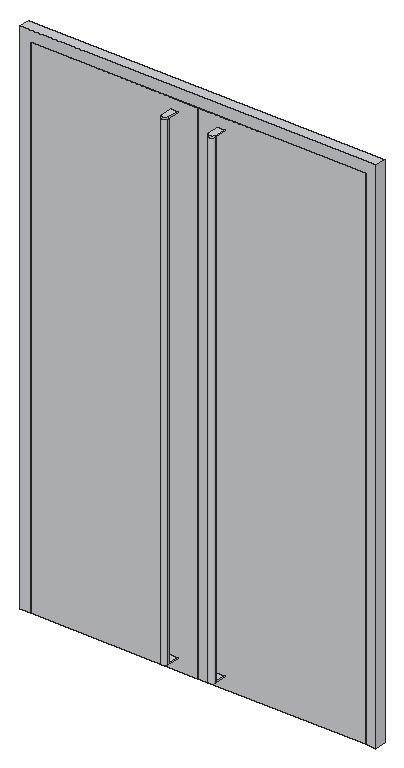
Revit family "CP.DR_2PI_Pivot Door", category Doors, Revit 2021
Family settings
  OmniClass Number = 23.25.20.14.11.11.17
  OmniClass Title = Infill Panels
  Always vertical = Yes
  Cut with Voids When Loaded = No
  Shared = No
  Room Calculation Point = Yes
Parameters (values of type "50_Off0_DS")
  YN_PanicBar = no
  YN_Opening_Symmetrical = yes
  YN_Opening_DoubleSide = yes
  YN_Handle_Internal = yes
  YN_Handle_External = yes
  Thickness = 0 mm  # constant formula
  TX_TypeCode = ""
  TX_Host [instance] = ""
  MA_Panel = none
  MA_Handle = none
  MA_Frame = none
  Function = Interior
  Description = "Porta a due ante simmetriche a bilico va e vieni."
  Define Thermal Properties by = Schematic Type
  DI_Width_Rough [instance] = 1663.8 mm
  DI_Width_Clear [instance] = DI_Width - (DI_Hinge_OffsetX * 2) - DI_Panel_Thickness  # 1233.8 mm
  DI_Width [instance] = DI_Width_Rough - (DI_Frame_Width * 2)  # 1563.8 mm
  DI_Penel_OffsetYC = 300 mm + DI_Panel_OffsetY  # 300 mm
  DI_Panel_Thickness = 50 mm
  DI_Panel_OffsetY = 0 mm
  DI_Panel_Height [instance] = DI_Height  # 2388.4 mm
  DI_Panel2_Width = 1200 mm
  DI_Panel1_Width [instance] = DI_Width - DI_Panel2_WidthC  # 781.9 mm
  DI_Opening_Angle = 90.00°
  DI_Panel2_WidthC [instance] = if(YN_Opening_Symmetrical, DI_Width / 2, DI_Panel2_Width)  # 781.9 mm
  DI_Hinge_OffsetX = 140 mm
  DI_Height_Rough [instance] = 2438.4 mm
  DI_Height_Clear [instance] = DI_Height  # 2388.4 mm
  DI_Height [instance] = DI_Height_Rough - DI_Frame_Width  # 2388.4 mm
  DI_Handle_OffsetZ = 50 mm
  DI_Handle_OffsetX = 250 mm
  DI_Handle2_Width [instance] = DI_Panel2_WidthC - DI_Hinge_OffsetX  # 641.9 mm
  DI_Handle1_Width [instance] = DI_Panel1_Width - DI_Hinge_OffsetX  # 641.9 mm
  DI_Frame_Width = 50 mm
  DI_Frame_Thickness = DI_Panel_Thickness  # 50 mm
  DI_Angle = 0.00°
  Analytic Construction = "<None>"
Types (12, lengths in mm): name | YN_PanicBar | YN_Opening_Symmetrical | YN_Opening_DoubleSide | YN_Handle_Internal | Function | Description | DI_Penel_OffsetYC | DI_Panel_OffsetY | DI_Panel1_Width | DI_Panel2_WidthC | DI_Handle2_Width | DI_Handle1_Width
  50_Off0_DS | no | yes | yes | yes | Interior | "Porta a due ante simmetriche a bilico va e vieni." | 300 | 0 | 781.9 | 781.9 | 641.9 | 641.9
  50_Off150_DS | no | yes | yes | yes | Interior | "Porta a due ante simmetriche a bilico va e vieni." | 450 | 150 | 781.9 | 781.9 | 641.9 | 641.9
  50_Off0_PB | yes | yes | no | no | Interior | "Porta a due ante simmetriche a bilico, con maniglione." | 300 | 0 | 781.9 | 781.9 | 641.9 | 641.9
  50_Off0 | no | yes | no | yes | Interior | "Porta a due ante simmetriche a bilico." | 300 | 0 | 781.9 | 781.9 | 641.9 | 641.9
  50_Off150_PB | yes | yes | no | no | Interior | "Porta a due ante simmetriche a bilico, con maniglione." | 450 | 150 | 781.9 | 781.9 | 641.9 | 641.9
  50_Off150 | no | yes | no | yes | Interior | "Porta a due ante simmetriche a bilico." | 450 | 150 | 781.9 | 781.9 | 641.9 | 641.9
  (1200+x)_50_Off0_DS | no | no | yes | yes | Interior | "Porta a due ante asimmetriche a bilico va e vieni." | 300 | 0 | 363.8 | 1200 | 1060 | 223.8
  (1200+x)_50_Off150_DS | no | no | yes | yes | Interior | "Porta a due ante asimmetriche a bilico va e vieni." | 450 | 150 | 363.8 | 1200 | 1060 | 223.8
  (1200+x)_50_Off0_PB | yes | no | no | no | Interior | "Porta a due ante asimmetriche a bilico, con maniglione." | 300 | 0 | 363.8 | 1200 | 1060 | 223.8
  (1200+x)_50_Off0 | no | no | no | yes | Interior | "Porta a due ante asimmetriche a bilico." | 300 | 0 | 363.8 | 1200 | 1060 | 223.8
  (1200+x)_50_Off150_PB | yes | no | no | no | Exterior | "Porta a due ante asimmetriche a bilico, con maniglione." | 450 | 150 | 363.8 | 1200 | 1060 | 223.8
  (1200+x)_50_Off150 | no | no | no | yes | Interior | "Porta a due ante asimmetriche a bilico." | 450 | 150 | 363.8 | 1200 | 1060 | 223.8
Reference planes
  plane 1 "Front": y = 0
  plane 2: z = 0
  plane 3 "Center (Left/Right)": x = 0
  plane 4 "Left": x = -831.877
  plane 5 "Right": x = 831.923
  plane 6 "Top": z = 2438.4
  plane 7 "Front Panel": y = 0
  plane 8 "Back Panel": y = 50
  plane 9 "Posizione Cerniera Y": x = -641.877
  plane 10 "MidllePanel": y = 25
  plane 11 "Posizione Cerniera Z": x = 641.877
  plane 12 "Origin offset": y = -300
  plane 13 "Panel Right": x = 781.923
  plane 14 "Q": x = -781.877
Lines and regions (mm)
  reference lines
    curve 1: line (-641.877, 25, 0) -> (18.123, 25, 0)
    curve 2: line (-641.877, 25, 0) -> (-641.877, 605, 0)
    curve 3: line (-641.877, 25, 0) -> (-641.877, -575, 0)
    curve 4: line (641.877, 25, 0) -> (21.877, 25, 0)
    curve 5: line (641.877, 25, 0) -> (641.877, 605, 0)
    curve 6: line (641.877, 25, 0) -> (641.877, -575, 0)
Text (mm)
  text "Exterior" at (-1379.057, 797.241, 0), in view "Ref. Level"
  text "Exterior" at (12192, 1055.114, 2275.943), in view "Right"
  text "Exterior" at (-6096, 1468.734, 2687.031), in view "Left"
  text "PAN. 1" at (-370.607, 1010.162, 0), in view "Ref. Level"
  text "PAN. 2" at (318.045, 1010.162, 0), in view "Ref. Level"
Dimensions and locks
  "DI_Panel_Thickness": plane 8 "Back Panel" to plane 7 "Front Panel"
  "DI_Hinge_OffsetX": plane 14 "Q" to plane 9 "Posizione Cerniera Y"
  equal spacing: plane 8 "Back Panel", plane 10 "MidllePanel", plane 7 "Front Panel"
  "DI_Height_Rough": plane 2 to plane 6 "Top"
  equal spacing: plane 9 "Posizione Cerniera Y", plane 3 "Center (Left/Right)", plane 11 "Posizione Cerniera Z"
  "DI_Penel_OffsetYC": plane 7 "Front Panel" to plane 12 "Origin offset"
  locked: plane 1 "Front" to plane 12 "Origin offset" at 300
  "DI_Width_Rough": plane 4 "Left" to plane 5 "Right"
  "DI_Frame_Width": plane 13 "Panel Right" to plane 5 "Right"
  "DI_Frame_Width": plane 4 "Left" to plane 14 "Q"
  "DI_Angle": angle plane 10 "MidllePanel" to curve 1
  "DI_Opening_Angle": angle plane 10 "MidllePanel" to curve 2
  "DI_Opening_Angle": angle curve 3 to plane 10 "MidllePanel"
  "DI_Opening_Angle": angle curve 5 to plane 10 "MidllePanel"
  "DI_Angle": angle curve 4 to plane 10 "MidllePanel"
  "DI_Opening_Angle": angle plane 10 "MidllePanel" to curve 6
  aligned and locked: level to plane 2
  aligned and locked: plane 9 "Posizione Cerniera Y" to curve 2
  aligned and locked: plane 10 "MidllePanel" to curve 3
  aligned and locked: plane 10 "MidllePanel" to curve 6
  aligned and locked: plane 11 "Posizione Cerniera Z" to curve 5
  aligned and locked: plane 3 "Center (Left/Right)" to nested 13
  aligned and locked: nested 13 to plane 10 "MidllePanel"
Nested families
  nested 1: "DR.PN_Panel Pivot" at (-390.927, 25, 0), DI_Panel_Thickness <- "DI_Panel_Thickness", DI_PivotHinge_Offset <- "DI_Hinge_OffsetX", DI_Opening_Projection_Angle <- "DI_Opening_Angle", DI_Panel_Height <- "DI_Panel_Height", YN_DoubleSideOpening <- "YN_Opening_DoubleSide", DI_Panel_Width <- "DI_Panel1_Width", MA_Panel <- "MA_Panel", type "Pivot"
    with YN_DoubleSideOpening yes, Thickness 0 mm, MA_Panel none, DI_PivotHinge_Offset 140 mm, DI_Panel_Width 781.9 mm, DI_Panel_Thickness 50 mm, DI_Panel_Height 2388.4 mm, DI_Opening_Projection_Angle 90.00°
  nested 2: "DR.PN_Panel Pivot" at (-641.877, 275.95, 0) x (0, 1, 0) z (0, 0, 1), DI_Panel_Height <- "DI_Panel_Height", DI_Panel_Thickness <- "DI_Panel_Thickness", DI_PivotHinge_Offset <- "DI_Hinge_OffsetX", DI_Opening_Projection_Angle <- "DI_Opening_Angle", YN_DoubleSideOpening <- "YN_Opening_DoubleSide", DI_Panel_Width <- "DI_Panel1_Width", type "Pivot_Projection"
    with YN_DoubleSideOpening yes, Thickness 0 mm, MA_Panel none, DI_PivotHinge_Offset 140 mm, DI_Panel_Width 781.9 mm, DI_Panel_Thickness 50 mm, DI_Panel_Height 2388.4 mm, DI_Opening_Projection_Angle 90.00°
  nested 3: "DR.PN_Panel Pivot" at (-641.877, -225.95, 0) x (0, -1, 0) z (0, 0, 1), DI_Panel_Height <- "DI_Panel_Height", DI_Panel_Thickness <- "DI_Panel_Thickness", DI_PivotHinge_Offset <- "DI_Hinge_OffsetX", visible <- "YN_Opening_DoubleSide", DI_Panel_Width <- "DI_Panel1_Width", type "Pivot_Projection"
    with YN_DoubleSideOpening no, Thickness 0 mm, MA_Panel none, DI_PivotHinge_Offset 140 mm, DI_Panel_Width 781.9 mm, DI_Panel_Thickness 50 mm, DI_Panel_Height 2388.4 mm, DI_Opening_Projection_Angle 90.00°
  nested 4: "DR.PN_Panel Pivot" at (390.927, 25, 0) x (-1, 0, 0) z (0, 0, 1), DI_Panel_Thickness <- "DI_Panel_Thickness", DI_PivotHinge_Offset <- "DI_Hinge_OffsetX", DI_Opening_Projection_Angle <- "DI_Opening_Angle", DI_Panel_Height <- "DI_Panel_Height", YN_DoubleSideOpening <- "YN_Opening_DoubleSide", DI_Panel_Width <- "DI_Panel2_WidthC", MA_Panel <- "MA_Panel", type "Pivot"
    with YN_DoubleSideOpening yes, Thickness 0 mm, MA_Panel none, DI_PivotHinge_Offset 140 mm, DI_Panel_Width 781.9 mm, DI_Panel_Thickness 50 mm, DI_Panel_Height 2388.4 mm, DI_Opening_Projection_Angle 90.00°
  nested 5: "DR.PN_Panel Pivot" at (641.877, 275.95, 0) x (0, 1, 0) z (0, 0, 1), DI_Panel_Height <- "DI_Panel_Height", DI_Panel_Thickness <- "DI_Panel_Thickness", DI_PivotHinge_Offset <- "DI_Hinge_OffsetX", DI_Opening_Projection_Angle <- "DI_Opening_Angle", YN_DoubleSideOpening <- "YN_Opening_DoubleSide", DI_Panel_Width <- "DI_Panel2_WidthC", type "Pivot_Projection"
    with YN_DoubleSideOpening yes, Thickness 0 mm, MA_Panel none, DI_PivotHinge_Offset 140 mm, DI_Panel_Width 781.9 mm, DI_Panel_Thickness 50 mm, DI_Panel_Height 2388.4 mm, DI_Opening_Projection_Angle 90.00°
  nested 6: "DR.PN_Panel Pivot" at (641.877, -225.95, 0) x (0, -1, 0) z (0, 0, 1), DI_Panel_Height <- "DI_Panel_Height", DI_Panel_Thickness <- "DI_Panel_Thickness", DI_PivotHinge_Offset <- "DI_Hinge_OffsetX", visible <- "YN_Opening_DoubleSide", DI_Panel_Width <- "DI_Panel2_WidthC", type "Pivot_Projection"
    with YN_DoubleSideOpening no, Thickness 0 mm, MA_Panel none, DI_PivotHinge_Offset 140 mm, DI_Panel_Width 781.9 mm, DI_Panel_Thickness 50 mm, DI_Panel_Height 2388.4 mm, DI_Opening_Projection_Angle 90.00°
  nested 7: "DR.HA_Handle_Pole_HW" at (616.877, 25, 0) x (0, -1, 0) z (0, 0, 1), DI_Panel_Height <- "DI_Panel_Height", DI_Panel_Thickness <- "DI_Panel_Thickness", visible <- "YN_Opening_DoubleSide", DI_Panel_Width <- "DI_Panel2_WidthC", DI_Handle_OffsetX <- "DI_Handle_OffsetX", YN_Handle_External <- "YN_Handle_External", YN_Handle_Internal <- "YN_Handle_Internal", type "Projection"
    with YN_Handle_Internal yes, YN_Handle_External yes, MA_Handle none, DI_Panel_Width 781.9 mm, DI_Panel_Thickness 50 mm, DI_Panel_OffsetYC 25 mm, DI_Panel_OffsetY 0 mm, DI_Panel_Height 2388.4 mm, DI_Handle_OffsetX 250 mm, DI_Handle_HeightC 388.4 mm, DI_Handle_Height 148.093 mm, YN_Opening_Pivot yes
  nested 8: "DR.HA_Handle_Pole_HW" at (666.877, 25, 0) x (0, 1, 0) z (0, 0, 1), DI_Panel_Height <- "DI_Panel_Height", DI_Panel_Thickness <- "DI_Panel_Thickness", DI_Panel_Width <- "DI_Panel2_WidthC", DI_Handle_OffsetX <- "DI_Handle_OffsetX", YN_Handle_External <- "YN_Handle_External", YN_Handle_Internal <- "YN_Handle_Internal", type "Projection"
    with YN_Handle_Internal yes, YN_Handle_External yes, MA_Handle none, DI_Panel_Width 781.9 mm, DI_Panel_Thickness 50 mm, DI_Panel_OffsetYC 25 mm, DI_Panel_OffsetY 0 mm, DI_Panel_Height 2388.4 mm, DI_Handle_OffsetX 250 mm, DI_Handle_HeightC 388.4 mm, DI_Handle_Height 148.093 mm, YN_Opening_Pivot yes
  nested 9: "DR.HA_Handle_Pole_HW" at (-616.877, 25, 0) x (0, -1, 0) z (0, 0, 1), DI_Panel_Height <- "DI_Panel_Height", DI_Panel_Thickness <- "DI_Panel_Thickness", visible <- "YN_Opening_DoubleSide", DI_Panel_Width <- "DI_Panel1_Width", DI_Handle_OffsetX <- "DI_Handle_OffsetX", YN_Handle_External <- "YN_Handle_External", YN_Handle_Internal <- "YN_Handle_Internal", type "Projection"
    with YN_Handle_Internal yes, YN_Handle_External yes, MA_Handle none, DI_Panel_Width 781.9 mm, DI_Panel_Thickness 50 mm, DI_Panel_OffsetYC 25 mm, DI_Panel_OffsetY 0 mm, DI_Panel_Height 2388.4 mm, DI_Handle_OffsetX 250 mm, DI_Handle_HeightC 388.4 mm, DI_Handle_Height 148.093 mm, YN_Opening_Pivot yes
  nested 10: "DR.HA_Handle_Pole_HW" at (-666.877, 25, 0) x (0, 1, 0) z (0, 0, 1), DI_Panel_Height <- "DI_Panel_Height", DI_Panel_Thickness <- "DI_Panel_Thickness", DI_Panel_Width <- "DI_Panel1_Width", DI_Handle_OffsetX <- "DI_Handle_OffsetX", YN_Handle_External <- "YN_Handle_External", YN_Handle_Internal <- "YN_Handle_Internal", type "Projection"
    with YN_Handle_Internal yes, YN_Handle_External yes, MA_Handle none, DI_Panel_Width 781.9 mm, DI_Panel_Thickness 50 mm, DI_Panel_OffsetYC 25 mm, DI_Panel_OffsetY 0 mm, DI_Panel_Height 2388.4 mm, DI_Handle_OffsetX 250 mm, DI_Handle_HeightC 388.4 mm, DI_Handle_Height 148.093 mm, YN_Opening_Pivot yes
  nested 11: "DR.HA_Handle_Pole_HW" at (641.877, 50, 0) x (-1, 0, 0) z (0, 0, 1), DI_Panel_Thickness <- "DI_Panel_Thickness", DI_Panel_Height <- "DI_Panel_Height", DI_Panel_Width <- "DI_Panel2_WidthC", DI_Handle_OffsetX <- "DI_Handle_OffsetX", MA_Handle <- "MA_Handle", YN_Handle_External <- "YN_Handle_External", YN_Handle_Internal <- "YN_Handle_Internal", type "Cut"
    with YN_Handle_Internal yes, YN_Handle_External yes, MA_Handle none, DI_Panel_Width 781.9 mm, DI_Panel_Thickness 50 mm, DI_Panel_OffsetYC 25 mm, DI_Panel_OffsetY 0 mm, DI_Panel_Height 2388.4 mm, DI_Handle_OffsetX 250 mm, DI_Handle_HeightC 2288.4 mm, DI_Handle_Height 500 mm, YN_Opening_Pivot yes
  nested 12: "DR.HA_Handle_Pole_HW" at (-641.877, 50, 0), DI_Panel_Thickness <- "DI_Panel_Thickness", DI_Panel_Height <- "DI_Panel_Height", DI_Panel_Width <- "DI_Panel1_Width", DI_Handle_OffsetX <- "DI_Handle_OffsetX", MA_Handle <- "MA_Handle", YN_Handle_External <- "YN_Handle_External", YN_Handle_Internal <- "YN_Handle_Internal", type "Cut"
    with YN_Handle_Internal yes, YN_Handle_External yes, MA_Handle none, DI_Panel_Width 781.9 mm, DI_Panel_Thickness 50 mm, DI_Panel_OffsetYC 25 mm, DI_Panel_OffsetY 0 mm, DI_Panel_Height 2388.4 mm, DI_Handle_OffsetX 250 mm, DI_Handle_HeightC 2288.4 mm, DI_Handle_Height 500 mm, YN_Opening_Pivot yes
  nested 13: "DR.FR_Generic Frame" at (0, 25, 0), DI_Width <- "DI_Width_Rough", DI_Height <- "DI_Height_Rough", DI_Frame_Thickness <- "DI_Frame_Thickness", DI_Frame_Width <- "DI_Frame_Width", type "0"
    with built-in parameter 1001301 0 mm, Thickness 0 mm, MA_Frame none, built-in parameter 1001300 0 mm, DI_Width 1663.8 mm, DI_Height 2438.4 mm, DI_Frame_Width 50 mm, DI_Frame_Thickness 50 mm
  nested 14: "DR.HA_Handle_Panicbar_HW" at (713.374, 25, 0) x (0, 1, 0) z (0, 0, 1), DI_Panel_Thickness <- "DI_Panel_Thickness", DI_Panel_Width <- "DI_Handle2_Width", YN_Handle_Internal <- "YN_PanicBar", type "Projection"
    with YN_Handle_Internal no, YN_Handle_External no, MA_Handle none, DI_Panel_Width 641.9 mm, DI_Panel_Thickness 50 mm, DI_Panel_OffsetYC 25 mm, DI_Panel_OffsetY 0 mm, DI_Handle_OffsetZ 1000 mm, DI_Handle_OffsetX 320.95 mm, YN_Opening_Pivot yes
  nested 15: "DR.HA_Handle_Panicbar_HW" at (-713.374, 25, 0) x (0, 1, 0) z (0, 0, 1), DI_Panel_Thickness <- "DI_Panel_Thickness", DI_Panel_Width <- "DI_Handle1_Width", YN_Handle_Internal <- "YN_PanicBar", type "Projection"
    with YN_Handle_Internal no, YN_Handle_External no, MA_Handle none, DI_Panel_Width 641.9 mm, DI_Panel_Thickness 50 mm, DI_Panel_OffsetYC 25 mm, DI_Panel_OffsetY 0 mm, DI_Handle_OffsetZ 1000 mm, DI_Handle_OffsetX 320.95 mm, YN_Opening_Pivot yes
  nested 16: "DR.HA_Handle_Panicbar_HW" at (641.877, 96.497, 0) x (-1, 0, 0) z (0, 0, 1), DI_Panel_Thickness <- "DI_Panel_Thickness", DI_Panel_Width <- "DI_Handle2_Width", YN_Handle_Internal <- "YN_PanicBar", type "Cut"
    with YN_Handle_Internal no, YN_Handle_External no, MA_Handle none, DI_Panel_Width 641.9 mm, DI_Panel_Thickness 50 mm, DI_Panel_OffsetYC 25 mm, DI_Panel_OffsetY 0 mm, DI_Handle_OffsetZ 900 mm, DI_Handle_OffsetX 320.95 mm, YN_Opening_Pivot yes
  nested 17: "DR.HA_Handle_Panicbar_HW" at (-641.877, 96.497, 0), DI_Panel_Thickness <- "DI_Panel_Thickness", DI_Panel_Width <- "DI_Handle1_Width", YN_Handle_Internal <- "YN_PanicBar", type "Cut"
    with YN_Handle_Internal no, YN_Handle_External no, MA_Handle none, DI_Panel_Width 641.9 mm, DI_Panel_Thickness 50 mm, DI_Panel_OffsetYC 25 mm, DI_Panel_OffsetY 0 mm, DI_Handle_OffsetZ 900 mm, DI_Handle_OffsetX 320.95 mm, YN_Opening_Pivot yes
Definition of nested family "DR.PN_Panel Pivot"
  Parameters (values of type "Pivot_Projection")
    YN_Swing = not(YN_Panel_Projection)  # no
    YN_Panel_Projection = yes
    YN_Panel = not(YN_Panel_Projection)  # no
    YN_DoubleSideOpening [instance] = no
    YN_3D = not(YN_Panel_Projection)  # no
    Width = 0 mm  # constant formula
    Thickness [instance] = 0 mm  # constant formula
    Rough Width = 0 mm  # constant formula
    Rough Height = 0 mm  # constant formula
    MA_Panel [instance] = none
    Height = 0 mm  # constant formula
    Define Thermal Properties by = 1
    Default Elevation = 0 mm  # constant formula
    DI_PivotHinge_Offset [instance] = 100 mm
    DI_Panel_Width [instance] = 1000 mm
    DI_Panel_Thickness [instance] = 100 mm
    DI_Panel_Height [instance] = 2100 mm
    DI_Opening_Projection_Angle [instance] = 60.00°
    Analytic Construction = "<None>"
  Types (2, lengths in mm): name | YN_Swing | YN_Panel_Projection | YN_Panel | YN_3D | DI_Panel_Width | DI_Opening_Projection_Angle
    Pivot | yes | no | yes | yes | 1200 | 90.00°
    Pivot_Projection | no | yes | no | no | 1000 | 60.00°
  Reference planes
    plane 1 "Center (Front/Back)": y = 0
    plane 2: z = 0
    plane 3 "Center (Left/Right)": x = 0
    plane 4 "Left": x = -500
    plane 5 "Right": x = 500
    plane 6 "FrontPanel": y = -50
    plane 7 "Top": z = 2100
    plane 8: z = 1050
    plane 9 "BackPanel": y = 50
    plane 10 "Y_Bilico": x = -400
  Forms (mm)
    Extrusion 1, solid, material <- "MA_Panel", visible <- "YN_3D"
      sketch origin (1340, 700, 0) x (1, 0, 0) y (0, 1, 0)
        loop
          line (-1840, -750) -> (-840, -750) -> (-840, -650) -> (-1840, -650) -> (-1840, -750)
      from 0 to 2100
  Lines and regions (mm)
    Masking region 1, visible <- "YN_Panel"
      outline origin (40, 290, 0) x (1, 0, 0) y (0, 1, 0)
        loop
          line (-540, -240) -> (-540, -340) -> (460, -340) -> (460, -240) -> (-540, -240)
    model lines, not visible
      curve 1: line (-400, -50, 2100) -> (500, -50, 1050)
      curve 2: line (-400, -50, 0) -> (500, -50, 1050)
      curve 7: line (-242.5, -50, 1050) -> (367.5, -50, 1050)
      curve 8: line (-242.5, 50, 1050) -> (367.5, 50, 1050)
    model lines, visible <- "YN_Swing"
      curve 3: line (-400, -50, 2100) -> (500, -50, 1050)
      curve 4: line (-400, -50, 0) -> (500, -50, 1050)
      curve 5: line (-400, 50, 2100) -> (500, 50, 1050)
      curve 6: line (500, 50, 1050) -> (-400, 50, 0)
      curve 15: line (-400, 50, 0) -> (-500, 50, 1050)
      curve 16: line (-500, 50, 1050) -> (-400, 50, 2100)
      curve 17: line (-400, -50, 0) -> (-500, -50, 1050)
      curve 18: line (-500, -50, 1050) -> (-400, -50, 2100)
      curve 19: line (-400, 50, 0) -> (-400, 50, 2100)
      curve 20: line (-400, -50, 0) -> (-400, -50, 2100)
    reference lines
      curve 9: line (-400, 0, 0) -> (-242.5, 272.798, 0)
      curve 12: line (-400, 0, 0) -> (-242.5, -272.798, 0)
    symbolic lines, visible <- "YN_Swing"
      curve 10: arc (500, 0, 0) -> (379.423, 450, 0) -> (50, 779.423, 0) r 900
      curve 11: arc (-500, 0, 0) -> (-486.603, -50, 0) -> (-450, -86.603, 0) r 100
    symbolic lines, visible <- "YN_DoubleSideOpening"
      curve 13: arc (500, 0, 0) -> (379.423, -450, 0) -> (50, -779.423, 0) r 900
      curve 14: arc (-500, 0, 0) -> (-486.603, 50, 0) -> (-450, 86.603, 0) r 100
    symbolic lines, visible <- "YN_Panel_Projection"
      curve 21: line (-500, 50, 0) -> (500, 50, 0)
    symbolic lines, visible <- "YN_Panel_Projection", detail levels medium+fine
      curve 22: line (-500, -50, 0) -> (-500, 50, 0)
      curve 23: line (500, -50, 0) -> (-500, -50, 0)
      curve 24: line (500, 50, 0) -> (500, -50, 0)
  Dimensions and locks
    "DI_Panel_Width": plane 4 "Left" to plane 5 "Right"
    equal spacing: plane 4 "Left", plane 3 "Center (Left/Right)", plane 5 "Right"
    "DI_Panel_Thickness": plane 6 "FrontPanel" to plane 9 "BackPanel"
    "DI_Panel_Height": plane 7 "Top" to plane 2
    equal spacing: plane 7 "Top", plane 8, plane 2
    plane 4 "Left" to plane 3 "Center (Left/Right)" = 500 mm
    equal spacing: plane 6 "FrontPanel", plane 1 "Center (Front/Back)", plane 9 "BackPanel"
    "DI_PivotHinge_Offset": plane 4 "Left" to plane 10 "Y_Bilico"
    plane 7 "Top" to curve 1 = 0 mm
    "DI_Opening_Projection_Angle": angle plane 1 "Center (Front/Back)" to curve 9
    "DI_Opening_Projection_Angle": angle curve 12 to plane 1 "Center (Front/Back)"
    aligned and locked: level to plane 2
    aligned and locked: plane 4 "Left" to Extrusion 1
    aligned and locked: plane 9 "BackPanel" to Extrusion 1
    aligned and locked: plane 5 "Right" to Extrusion 1
    aligned and locked: Extrusion 1 to plane 6 "FrontPanel"
    aligned and locked: plane 7 "Top" to Extrusion 1
    aligned and locked: curve 9 to curve 10
    aligned and locked: curve 11 to curve 9
    aligned and locked: plane 1 "Center (Front/Back)" to curve 11
    aligned and locked: plane 4 "Left" to curve 11
    aligned and locked: curve 12 to curve 13
    aligned and locked: curve 14 to curve 12
    aligned and locked: plane 1 "Center (Front/Back)" to curve 12
    aligned and locked: plane 10 "Y_Bilico" to curve 12
    aligned and locked: curve 19 to plane 10 "Y_Bilico"
    aligned and locked: plane 2 to curve 19
    aligned and locked: plane 7 "Top" to curve 19
    aligned and locked: plane 10 "Y_Bilico" to curve 20
    aligned and locked: plane 2 to curve 20
    aligned and locked: Masking region 1 sketch curve to plane 4 "Left"
    aligned and locked: Masking region 1 sketch curve to plane 5 "Right"
    aligned and locked: plane 6 "FrontPanel" to Masking region 1 sketch curve
    aligned and locked: Masking region 1 sketch curve to plane 9 "BackPanel"
    aligned and locked: curve 21 to plane 9 "BackPanel"
    aligned and locked: curve 22 to plane 4 "Left"
    aligned and locked: plane 6 "FrontPanel" to curve 23
    aligned and locked: curve 24 to plane 5 "Right"
  Automatic sketch dimensions
    curve 8 to curve 8 = 610 mm
    Extrusion 1 sketch curve to plane 4 "Left" = 0 mm
    Extrusion 1 sketch curve to plane 5 "Right" = 0 mm
    Extrusion 1 sketch curve to plane 6 "FrontPanel" = 0 mm
    Extrusion 1 sketch curve to plane 9 "BackPanel" = 0 mm
    curve 7 to plane 8 = 0 mm
    plane 10 "Y_Bilico" to curve 7 = 157.5 mm
    curve 7 to plane 5 "Right" = 132.5 mm
    curve 5 to plane 5 "Right" = 0 mm
    curve 8 to plane 8 = 0 mm
    plane 4 "Left" to curve 15 = 0 mm
    curve 5 to plane 8 = 0 mm
    curve 15 to plane 8 = 0 mm
    curve 8 to plane 5 "Right" = 132.5 mm
    plane 10 "Y_Bilico" to curve 8 = 157.5 mm
    curve 1 to plane 5 "Right" = 0 mm
    plane 4 "Left" to curve 17 = 0 mm
    curve 1 to plane 8 = 0 mm
    curve 18 to plane 8 = 0 mm
    curve 10 to curve 11 = 0 mm  (x2)
    curve 11 to curve 14 = 0 mm
    curve 13 to curve 14 = 0 mm
    curve 14 to plane 10 "Y_Bilico" = 0 mm
    curve 13 to plane 5 "Right" = 0 mm
Definition of nested family "DR.HA_Handle_Pole_HW"
  Parameters (values of type "Cut")
    YN_Opening_Pivot = no
    YN_Handle_Internal [instance] = yes
    YN_Handle_External [instance] = yes
    MA_Handle [instance] = none
    Handle = DR.HA_Handle_Pole : Cut
    FullHeight = yes
    Define Thermal Properties by = 1
    Default Elevation = 0 mm  # constant formula
    DI_Panel_Width [instance] = 900 mm
    DI_Panel_Thickness [instance] = 60 mm
    DI_Panel_OffsetYC [instance] = if(YN_Opening_Pivot, (DI_Panel_Thickness / 2), DI_Panel_OffsetY)  # 0 mm
    DI_Panel_OffsetY [instance] = 0 mm
    DI_Panel_Height [instance] = 2148.093 mm
    DI_Handle_OffsetZ = 50 mm
    DI_Handle_OffsetX [instance] = 50 mm
    DI_Handle_HeightC [instance] = if(FullHeight, DI_Panel_Height - (DI_Handle_OffsetZ * 2), DI_Handle_Height)  # 2048.093 mm
    DI_Handle_Height [instance] = 500 mm
    Analytic Construction = "<None>"
  Types (2, lengths in mm): name | Handle | DI_Panel_Thickness | DI_Handle_OffsetZ | DI_Handle_HeightC | DI_Handle_Height
    Projection | DR.HA_Handle_Pole : Projection | 40 | 1000 | 148.093 | 148.093
    Cut | DR.HA_Handle_Pole : Cut | 60 | 50 | 2048.093 | 500
  Reference planes
    plane 1 "Panel_Ext": y = -25
    plane 2: z = 0
    plane 3 "Center (Left/Right)": x = 0
    plane 4 "Panel_Int": y = -85
    plane 5: z = 50
    plane 6: x = 900
    plane 7: x = 850
    plane 8: z = 2148.093
    plane 9 "Origin": y = -25
  Lines and regions (mm)
    symbolic lines, detail levels coarse
      curve 1: line (0, -85, 0) -> (0, -25, 0)
  Dimensions and locks
    "DI_Panel_Thickness": plane 4 "Panel_Int" to plane 1 "Panel_Ext"
    "DI_Handle_OffsetZ": plane 2 to plane 5
    "DI_Panel_Width": plane 6 to plane 3 "Center (Left/Right)"
    "DI_Handle_OffsetX": plane 6 to plane 7
    "DI_Panel_Height": plane 8 to level
    "DI_Panel_OffsetYC": plane 1 "Panel_Ext" to plane 9 "Origin"
    aligned and locked: plane 2 to level
    aligned and locked: plane 4 "Panel_Int" to nested 2
    aligned and locked: plane 7 to nested 1
    aligned and locked: nested 2 to plane 7
    aligned and locked: plane 1 "Panel_Ext" to nested 1
  Automatic sketch dimensions
    plane 1 "Panel_Ext" to curve 1 = 0 mm
    curve 1 to plane 3 "Center (Left/Right)" = 0 mm
    plane 4 "Panel_Int" to curve 1 = 0 mm
  Nested families
    nested 1: "DR.HA_Handle_Pole" at (850, -25, 50), visible <- "YN_Handle_External", built-in parameter 1001364 <- "DI_Handle_OffsetZ", MA_Handle <- "MA_Handle", type <- "Handle", DI_Height <- "DI_Handle_HeightC", type "Cut"
      with MA_Handle none, DI_Height 2048.093 mm
    nested 2: "DR.HA_Handle_Pole" at (850, -85, 50), visible <- "YN_Handle_Internal", built-in parameter 1001364 <- "DI_Handle_OffsetZ", MA_Handle <- "MA_Handle", type <- "Handle", DI_Height <- "DI_Handle_HeightC", type "Cut"
      with MA_Handle none, DI_Height 2048.093 mm
  Definition of nested family "DR.HA_Handle_Pole"
    Parameters (values of type "Cut")
      YN_Graphics_Projection = yes
      YN_Graphics_Cut = no
      YN_3D = yes
      MA_Handle [instance] = none
      Define Thermal Properties by = 1
      Default Elevation = 0 mm  # constant formula
      DI_Height [instance] = 1737.643 mm
      Analytic Construction = "<None>"
    Types (2, lengths in mm): name | YN_3D
      Cut | yes
      Projection | no
    Reference planes
      plane 1 "Center (Front/Back)": y = 0
      plane 2: z = 0
      plane 3 "Center (Left/Right)": x = 0
      plane 4: z = 1737.643
    Forms (mm)
      Extrusion 1, solid, material <- "MA_Handle", visible <- "YN_3D"
        sketch origin (0, 0, 0) x (1, 0, 0) y (0, 1, 0)
          loop
            line (-15, 0) -> (-15, -51)
            arc (-15, -51) -> (0, -66) -> (15, -51) r 15
            line (15, -51) -> (15, 0) -> (-15, 0)
        from 0 to 5
      Extrusion 2, solid, material <- "MA_Handle", visible <- "YN_3D"
        sketch origin (0, -4, 0) x (1, 0, 0) y (0, 1, 0)
          loop
            circle (0, -51) r 15
        from 0 to 1737.643 <- "DI_Height"
      Extrusion 3, solid, material <- "MA_Handle", visible <- "YN_3D"
        sketch origin (0, 0, 0) x (1, 0, 0) y (0, 1, 0)
          loop
            line (-15, 0) -> (-15, -55)
            arc (-15, -55) -> (0, -70) -> (15, -55) r 15
            line (15, -55) -> (15, 0) -> (-15, 0)
        from 1732.643 to 1737.643 <- "DI_Height"
    Cuts and joins
      joined: Extrusion 1, Extrusion 2, Extrusion 3
    Lines and regions (mm)
      Masking region 1, visible <- "YN_Graphics_Cut"
        outline origin (0, 0, 0) x (1, 0, 0) y (0, 1, 0)
          loop
            line (-15, 0) -> (-15, -55)
            arc (-15, -55) -> (0, -70) -> (15, -55) r 15
            line (15, -55) -> (15, 0) -> (-15, 0)
      symbolic lines, visible <- "YN_Graphics_Cut", detail levels medium+fine
        curve 1: arc (15, -55, 0) -> (0, -40, 0) -> (-15, -55, 0) r 15
      symbolic lines, visible <- "YN_Graphics_Projection"
        curve 2: line (-15, 0, 0) -> (-15, -55, 0)
        curve 3: arc (-15, -55, 0) -> (0, -70, 0) -> (15, -55, 0) r 15
        curve 4: line (15, -55, 0) -> (15, 0, 0)
        curve 5: line (15, 0, 0) -> (-15, 0, 0)
      symbolic lines, visible <- "YN_Graphics_Projection", detail levels medium+fine
        curve 6: arc (15, -55, 0) -> (0, -40, 0) -> (-15, -55, 0) r 15
    Dimensions and locks
      "DI_Height": plane 4 to level
      locked: plane 4 to Extrusion 3 at 5
      aligned and locked: plane 2 to level
    Automatic sketch dimensions
      plane 1 "Center (Front/Back)" to Extrusion 1 sketch curve = 0 mm
      Extrusion 1 sketch curve to plane 3 "Center (Left/Right)" = 0 mm
      Extrusion 1 sketch curve to plane 3 "Center (Left/Right)" = 15 mm
      plane 1 "Center (Front/Back)" to Extrusion 1 sketch curve = 51 mm
      Extrusion 2 sketch curve to Extrusion 2 sketch curve = 0 mm  (x2)
      Extrusion 2 sketch curve to plane 3 "Center (Left/Right)" = 0 mm
      plane 1 "Center (Front/Back)" to Extrusion 2 sketch curve = 55 mm
      Extrusion 2 sketch curve to Extrusion 2 sketch curve = 15 mm
      plane 1 "Center (Front/Back)" to Extrusion 3 sketch curve = 0 mm
      Extrusion 3 sketch curve to plane 3 "Center (Left/Right)" = 0 mm
      Extrusion 3 sketch curve to plane 3 "Center (Left/Right)" = 15 mm
      plane 1 "Center (Front/Back)" to Extrusion 3 sketch curve = 55 mm
      plane 1 "Center (Front/Back)" to Masking region 1 sketch curve = 0 mm
      Masking region 1 sketch curve to plane 3 "Center (Left/Right)" = 15 mm
      plane 3 "Center (Left/Right)" to Masking region 1 sketch curve = 15 mm
      plane 1 "Center (Front/Back)" to Masking region 1 sketch curve = 55 mm
      curve 1 to plane 3 "Center (Left/Right)" = 0 mm
      plane 1 "Center (Front/Back)" to curve 1 = 55 mm
      curve 1 to plane 3 "Center (Left/Right)" = 15 mm
      curve 1 to curve 3 = 0 mm  (x2)
      plane 1 "Center (Front/Back)" to curve 5 = 0 mm
      curve 5 to plane 3 "Center (Left/Right)" = 15 mm
Definition of nested family "DR.FR_Generic Frame"
  Parameters (values of type "0")
    Width [instance] = 0 mm  # constant formula
    Thickness [instance] = 0 mm  # constant formula
    MA_Frame [instance] = none
    Height [instance] = 0 mm  # constant formula
    Define Thermal Properties by = 1
    Default Elevation = 0 mm
    DI_Width [instance] = 1200 mm
    DI_Height [instance] = 2100 mm
    DI_Frame_Width [instance] = 80 mm
    DI_Frame_Thickness [instance] = 150 mm
    Analytic Construction = "<None>"
  Reference planes
    plane 1 "Center (Front/Back)": y = 0
    plane 2: z = 0
    plane 3 "Center (Left/Right)": x = 0
    plane 4 "Left": x = -600
    plane 5 "Right": x = 600
    plane 6 "FrontFrame": y = -75
    plane 7 "Top": z = 2100
    plane 8: z = 1050
    plane 9: x = -520
    plane 10: x = 520
    plane 11 "BackFrame": y = 75
  Forms (mm)
    Sweep 1, solid, material <- "MA_Frame"
      path origin (0, -75, 0) x (-1, 0, 0) y (0, 0, 1)
        loop
          line (600, 0) -> (600, 2100) -> (-600, 2100) -> (-600, 0)
      profile origin (-600, -75, 1050) x (1, 0, 0) y (0, 1, 0)
        loop
          line (80, 150) -> (0, 150) -> (0, 0) -> (80, 0) -> (80, 150)
  Lines and regions (mm)
    Masking region 1
      outline origin (0, 0, 0) x (1, 0, 0) y (0, 1, 0)
        loop
          line (-600, -75) -> (-520, -75) -> (-520, 75) -> (-600, 75) -> (-600, -75)
    Masking region 2
      outline origin (0, 0, 0) x (1, 0, 0) y (0, 1, 0)
        loop
          line (600, -75) -> (600, 75) -> (520, 75) -> (520, -75) -> (600, -75)
  Dimensions and locks
    "DI_Width": plane 4 "Left" to plane 5 "Right"
    equal spacing: plane 4 "Left", plane 3 "Center (Left/Right)", plane 5 "Right"
    "DI_Frame_Thickness": plane 6 "FrontFrame" to plane 11 "BackFrame"
    "DI_Height": plane 7 "Top" to plane 2
    equal spacing: plane 7 "Top", plane 8, plane 2
    "DI_Frame_Width": plane 4 "Left" to plane 9
    "DI_Frame_Width": plane 10 to plane 5 "Right"
    equal spacing: plane 6 "FrontFrame", plane 1 "Center (Front/Back)", plane 11 "BackFrame"
    aligned and locked: level to plane 2
    aligned and locked: plane 4 "Left" to Sweep 1 sketch curve
    aligned and locked: plane 7 "Top" to Sweep 1 sketch curve
    aligned and locked: Sweep 1 sketch curve to plane 5 "Right"
    aligned and locked: plane 2 to Sweep 1 sketch curve  (x2)
    aligned and locked: Sweep 1 sketch curve to plane 9
    aligned and locked: Sweep 1 sketch curve to plane 6 "FrontFrame"
    aligned and locked: Sweep 1 sketch curve to plane 4 "Left"
    aligned and locked: Masking region 1 sketch curve to plane 4 "Left"
    aligned and locked: Masking region 1 sketch curve to plane 9
    aligned and locked: Masking region 1 sketch curve to plane 6 "FrontFrame"
    aligned and locked: plane 5 "Right" to Masking region 2 sketch curve
    aligned and locked: Masking region 2 sketch curve to plane 10
    aligned and locked: Masking region 2 sketch curve to plane 6 "FrontFrame"
    aligned and locked: plane 11 "BackFrame" to Masking region 1
    aligned and locked: plane 11 "BackFrame" to Masking region 2
    aligned and locked: plane 11 "BackFrame" to Sweep 1 sketch curve
  Automatic sketch dimensions
    Masking region 1 sketch curve to plane 1 "Center (Front/Back)" = 75 mm
    Masking region 2 sketch curve to plane 1 "Center (Front/Back)" = 75 mm
Definition of nested family "DR.HA_Handle_Panicbar_HW"
  Parameters (values of type "Projection")
    YN_Opening_Pivot = no
    YN_Handle_Internal [instance] = yes
    YN_Handle_External [instance] = no
    MA_Handle [instance] = none
    Handle = DR.HA_Handle_Panicbar : Projection
    Define Thermal Properties by = 1
    Default Elevation = 0 mm  # constant formula
    DI_Panel_Width [instance] = 900 mm
    DI_Panel_Thickness [instance] = 40 mm
    DI_Panel_OffsetYC [instance] = if(YN_Opening_Pivot, (DI_Panel_Thickness / 2), DI_Panel_OffsetY)  # 0 mm
    DI_Panel_OffsetY [instance] = 0 mm
    DI_Handle_OffsetZ [instance] = 1000 mm
    DI_Handle_OffsetX [instance] = DI_Panel_Width / 2  # 450 mm
    Analytic Construction = "<None>"
  Types (2, lengths in mm): name | Handle | DI_Panel_Width | DI_Handle_OffsetX
    Projection | DR.HA_Handle_Panicbar : Projection | 900 | 450
    Cut | DR.HA_Handle_Panicbar : Cut | 800 | 400
  Reference planes
    plane 1 "Panel_Ext": y = -71.497
    plane 2: z = 0
    plane 3 "Center (Left/Right)": x = 0
    plane 4 "Panel_Int": y = -111.497
    plane 5: z = 1000
    plane 6: x = 900
    plane 7: x = 450
    plane 8 "Origin": y = -71.497
  Lines and regions (mm)
    symbolic lines, detail levels coarse
      curve 1: line (0, -111.497, 0) -> (0, -71.497, 0)
  Dimensions and locks
    "DI_Panel_Thickness": plane 4 "Panel_Int" to plane 1 "Panel_Ext"
    "DI_Handle_OffsetZ": plane 2 to plane 5
    "DI_Panel_Width": plane 6 to plane 3 "Center (Left/Right)"
    "DI_Handle_OffsetX": plane 6 to plane 7
    "DI_Panel_OffsetYC": plane 1 "Panel_Ext" to plane 8 "Origin"
    aligned and locked: plane 2 to level
    aligned and locked: plane 4 "Panel_Int" to nested 1
    aligned and locked: nested 1 to plane 7
  Automatic sketch dimensions
    plane 1 "Panel_Ext" to curve 1 = 0 mm
    curve 1 to plane 3 "Center (Left/Right)" = 0 mm
    plane 4 "Panel_Int" to curve 1 = 0 mm
  Nested families
    nested 1: "DR.HA_Handle_Panicbar" at (450, -111.497, 1000), visible <- "YN_Handle_Internal", built-in parameter 1001364 <- "DI_Handle_OffsetZ", type <- "Handle", DI_Width <- "DI_Panel_Width", type "Projection"
      with DI_Width 900 mm
  Definition of nested family "DR.HA_Handle_Panicbar"
    Parameters (values of type "Cut")
      YN_Graphics_Projection = no
      YN_Graphics_Cut = yes
      YN_3D = yes
      Width = 0 mm  # constant formula
      Thickness = 0 mm  # constant formula
      Rough Width = 0 mm  # constant formula
      Rough Height = 0 mm  # constant formula
      MA_Material = none
      Height = 0 mm  # constant formula
      Define Thermal Properties by = 1
      Default Elevation = 0 mm
      DI_Width [instance] = 1000 mm
      Analytic Construction = "<None>"
    Types (3, lengths in mm): name | YN_Graphics_Projection | YN_Graphics_Cut | YN_3D
      (no name) | no | yes | yes
      Cut | no | yes | yes
      Projection | yes | no | no
    Reference planes
      plane 1 "Center (Front/Back)": y = 0
      plane 2: z = 0
      plane 3 "Center (Left/Right)": x = 0
      plane 4: x = -445
      plane 5: x = 445
      plane 6: y = -80
      plane 7: x = -495
      plane 8: x = 495
      plane 9: y = -55
      plane 10: y = -52
      plane 11: z = 155.5
      plane 12: z = -25
      plane 13: z = 7.5
      plane 14 "Panel Left": x = -500
      plane 15 "Panel Right": x = 500
      plane 16: x = 451
      plane 17: x = -451
    Forms (mm)
      Extrusion 1, solid, material <- "MA_Material", visible <- "YN_3D"
        sketch origin (0, 0, 12.5) x (0, 1, 0) y (0, 0, 1)
          loop
            circle (-67.5, -25) r 12.5
        from -451 to 451
      Extrusion 2, solid, material <- "MA_Material", visible <- "YN_3D"
        sketch origin (-495, 0, 0) x (0, 1, 0) y (0, 0, 1)
          loop
            line (0, 155.5) -> (-36, 155.5)
            arc (-36, 155.5) -> (-52, 81.5) -> (-36, 7.5) r 179.125
            line (-36, 7.5) -> (0, 7.5) -> (0, 155.5)
        from 0 to 50
      Extrusion 3, solid, material <- "MA_Material", visible <- "YN_3D"
        sketch origin (-459, 0, 0) x (0, 1, 0) y (0, 0, 1)
          loop
            arc (-78.794, -7.142) -> (-72.858, -23.794) -> (-56.206, -17.858) r 12.5
            line (-56.206, -17.858) -> (-39.843, 16.635)
            arc (-39.843, 16.635) -> (-45.853, 34.976) -> (-49.854, 53.858) r 179.125
            line (-49.854, 53.858) -> (-78.794, -7.142)
        from 0 to 8
      Extrusion 4, solid, material <- "MA_Material", visible <- "YN_3D"
        sketch origin (495, 0, 0) x (0, -1, 0) y (0, 0, 1)
          loop
            line (0, 155.5) -> (0, 7.5) -> (36, 7.5)
            arc (36, 7.5) -> (52, 81.5) -> (36, 155.5) r 179.125
            line (36, 155.5) -> (0, 155.5)
        from 0 to 50
      Extrusion 5, solid, material <- "MA_Material", visible <- "YN_3D"
        sketch origin (459, 0, 0) x (0, -1, 0) y (0, 0, 1)
          loop
            line (78.794, -7.142) -> (49.854, 53.858)
            arc (49.854, 53.858) -> (45.853, 34.976) -> (39.843, 16.635) r 179.125
            line (39.843, 16.635) -> (56.206, -17.858)
            arc (56.206, -17.858) -> (72.858, -23.794) -> (78.794, -7.142) r 12.5
        from 0 to 8
      Extrusion 6, solid, material <- "MA_Material", visible <- "YN_3D", not visible
        sketch origin (495, 0, 0) x (0, -1, 0) y (0, 0, 1)
          loop
            line (0, 155.5) -> (0, 7.5) -> (36, 7.5)
            arc (36, 7.5) -> (52, 81.5) -> (36, 155.5) r 179.125
            line (36, 155.5) -> (0, 155.5)
        from 0 to 50
      Extrusion 7, solid, material <- "MA_Material", visible <- "YN_3D", not visible
        sketch origin (459, 0, 0) x (0, -1, 0) y (0, 0, 1)
          loop
            line (78.794, -7.142) -> (49.854, 53.858)
            arc (49.854, 53.858) -> (45.853, 34.976) -> (39.843, 16.635) r 179.125
            line (39.843, 16.635) -> (56.206, -17.858)
            arc (56.206, -17.858) -> (72.858, -23.794) -> (78.794, -7.142) r 12.5
        from 0 to 8
    Lines and regions (mm)
      Masking region 1, visible <- "YN_Graphics_Cut", detail levels coarse
        outline origin (0, 0, 0) x (1, 0, 0) y (0, 1, 0)
          loop
            line (-495, 0) -> (-495, -80) -> (495, -80) -> (495, 0) -> (-495, 0)
      Masking region 2, visible <- "YN_Graphics_Cut", detail levels medium+fine
        outline origin (0, 0, 0) x (1, 0, 0) y (0, 1, 0)
          loop
            line (-495, 0) -> (-495, -52) -> (-459, -52) -> (-459, -80) -> (459, -80) -> (459, -52) -> (495, -52) -> (495, 0) -> (445, 0) -> (445, -52) -> (451, -52) -> (451, -55) -> (-451, -55) -> (-451, -52) -> (-445, -52) -> (-445, 0) -> (-495, 0)
      symbolic lines, visible <- "YN_Graphics_Projection", detail levels medium+fine
        curve 1: line (-495, 0, 0) -> (-445, 0, 0)
        curve 2: line (-495, -52, 0) -> (-495, 0, 0)
        curve 3: line (-445, -52, 0) -> (-495, -52, 0)
        curve 4: line (-445, 0, 0) -> (-445, -52, 0)
        curve 6: line (-451, -52, 0) -> (-451, -80, 0)
        curve 7: line (459, -80, 0) -> (-459, -80, 0)
        curve 8: line (-459, -80, 0) -> (-459, -52, 0)
        curve 9: line (495, 0, 0) -> (445, 0, 0)
        curve 10: line (495, -52, 0) -> (495, 0, 0)
        curve 11: line (445, -52, 0) -> (495, -52, 0)
        curve 12: line (445, 0, 0) -> (445, -52, 0)
        curve 14: line (451, -52, 0) -> (451, -80, 0)
        curve 15: line (459, -80, 0) -> (459, -52, 0)
        curve 16: line (-451, -55, 0) -> (451, -55, 0)
      symbolic lines, visible <- "YN_Graphics_Projection", detail levels fine
        curve 5: line (-445, -36, 0) -> (-495, -36, 0)
        curve 13: line (445, -36, 0) -> (495, -36, 0)
      symbolic lines, visible <- "YN_Graphics_Cut", detail levels fine
        curve 17: line (-445, -36, 0) -> (-495, -36, 0)
        curve 18: line (445, -36, 0) -> (495, -36, 0)
        curve 19: line (-451, -55, 0) -> (-451, -80, 0)
        curve 20: line (451, -55, 0) -> (451, -80, 0)
    Dimensions and locks
      plane 9 to plane 6 = 25 mm
      locked: plane 6 to plane 1 "Center (Front/Back)" at 80
      locked: plane 7 to plane 4 at 50
      locked: plane 5 to plane 8 at 50
      locked: plane 14 "Panel Left" to plane 7 at 5
      locked: plane 15 "Panel Right" to plane 8 at 5
      equal spacing: plane 14 "Panel Left", plane 3 "Center (Left/Right)", plane 15 "Panel Right"
      "DI_Width": plane 14 "Panel Left" to plane 15 "Panel Right"
      plane 10 to plane 1 "Center (Front/Back)" = 52 mm
      locked: curve 8 to curve 6 at 8
      locked: curve 15 to curve 14 at 8
      locked: plane 12 to plane 2 at 25
      locked: plane 5 to plane 16 at 6
      locked: plane 4 to plane 17 at 6
      plane 11 to plane 13 = 148 mm
      locked: Extrusion 3 to plane 17 at 8
      locked: Extrusion 5 to plane 16 at 8
      aligned and locked: level to plane 2
      aligned and locked: Masking region 1 to plane 7
      aligned and locked: Masking region 1 to plane 1 "Center (Front/Back)"
      aligned and locked: Masking region 1 to plane 6
      aligned and locked: Masking region 1 to plane 8
      aligned and locked: Masking region 2 to plane 7
      aligned and locked: Masking region 2 to plane 6
      aligned and locked: Masking region 2 to plane 8
      aligned and locked: Masking region 2 to plane 1 "Center (Front/Back)"
      aligned and locked: plane 1 "Center (Front/Back)" to curve 1
      aligned and locked: plane 7 to curve 2
      aligned and locked: plane 10 to curve 3
      aligned and locked: curve 4 to plane 4
      aligned and locked: plane 6 to curve 7
      aligned and locked: curve 12 to plane 5
      aligned and locked: curve 10 to plane 8
      aligned and locked: curve 16 to plane 9
      aligned and locked: curve 19 to Masking region 2
      aligned and locked: Masking region 2 to curve 20
      aligned and locked: Masking region 2 to Extrusion 1
      aligned and locked: Extrusion 1 to Masking region 2
      aligned and locked: Extrusion 2 to plane 7
      aligned and locked: plane 4 to Extrusion 2
      aligned and locked: Extrusion 3 to plane 17
      aligned and locked: plane 17 to Extrusion 1
      aligned and locked: plane 16 to Extrusion 1
    Automatic sketch dimensions
      Extrusion 3 sketch curve to Extrusion 3 sketch curve = 11.294 mm  (x2)
      Extrusion 2 sketch curve to Extrusion 2 sketch curve = 0 mm
      Extrusion 2 sketch curve to Extrusion 2 sketch curve = 36 mm
      Extrusion 2 sketch curve to Extrusion 2 sketch curve = 127.125 mm
      Extrusion 2 sketch curve to Extrusion 2 sketch curve = 74 mm
      Extrusion 3 sketch curve to Extrusion 3 sketch curve = 28.939 mm
      Extrusion 3 sketch curve to Extrusion 3 sketch curve = 16.364 mm
      Extrusion 3 sketch curve to Extrusion 3 sketch curve = 166.968 mm
      Extrusion 3 sketch curve to Extrusion 3 sketch curve = 5.358 mm
      Extrusion 3 sketch curve to Extrusion 3 sketch curve = 34.492 mm
      Extrusion 3 sketch curve to Extrusion 3 sketch curve = 37.223 mm
      Extrusion 5 sketch curve to Extrusion 5 sketch curve = 11.294 mm  (x2)
      Extrusion 4 sketch curve to Extrusion 4 sketch curve = 0 mm
      Extrusion 4 sketch curve to Extrusion 4 sketch curve = 36 mm
      Extrusion 4 sketch curve to Extrusion 4 sketch curve = 127.125 mm
      Extrusion 4 sketch curve to Extrusion 4 sketch curve = 74 mm
      Extrusion 5 sketch curve to Extrusion 5 sketch curve = 28.939 mm
      Extrusion 5 sketch curve to Extrusion 5 sketch curve = 16.364 mm
      Extrusion 5 sketch curve to Extrusion 5 sketch curve = 166.968 mm
      Extrusion 5 sketch curve to Extrusion 5 sketch curve = 5.358 mm
      Extrusion 5 sketch curve to Extrusion 5 sketch curve = 34.492 mm
      Extrusion 5 sketch curve to Extrusion 5 sketch curve = 37.223 mm
      plane 1 "Center (Front/Back)" to curve 9 = 0 mm
      curve 18 to curve 13 = 0 mm
      curve 17 to curve 5 = 0 mm
      Masking region 1 sketch curve to plane 6 = 0 mm
      Masking region 1 sketch curve to plane 7 = 0 mm
      Masking region 1 sketch curve to plane 8 = 0 mm
      plane 1 "Center (Front/Back)" to Masking region 1 sketch curve = 0 mm
      Masking region 2 sketch curve to plane 7 = 0 mm
      Masking region 2 sketch curve to plane 6 = 0 mm
      Masking region 2 sketch curve to plane 10 = 0 mm  (x4)
      Masking region 2 sketch curve to plane 9 = 0 mm
      Masking region 2 sketch curve to plane 17 = 0 mm
      plane 1 "Center (Front/Back)" to Masking region 2 sketch curve = 0 mm  (x2)
      Masking region 2 sketch curve to plane 4 = 0 mm
      Masking region 2 sketch curve to plane 5 = 0 mm
      Masking region 2 sketch curve to plane 16 = 0 mm
      Masking region 2 sketch curve to plane 8 = 0 mm
      plane 17 to Masking region 2 sketch curve = 8 mm
      Masking region 2 sketch curve to Masking region 2 sketch curve = 8 mm
      plane 6 to Extrusion 1 sketch curve = 12.5 mm
      Extrusion 1 sketch curve to level = 12.5 mm
      Extrusion 7 sketch curve to Extrusion 7 sketch curve = 11.294 mm  (x2)
      Extrusion 6 sketch curve to Extrusion 6 sketch curve = 0 mm
      Extrusion 6 sketch curve to Extrusion 6 sketch curve = 36 mm
      Extrusion 6 sketch curve to Extrusion 6 sketch curve = 127.125 mm
      Extrusion 6 sketch curve to Extrusion 6 sketch curve = 74 mm
      Extrusion 7 sketch curve to Extrusion 7 sketch curve = 28.939 mm
      Extrusion 7 sketch curve to Extrusion 7 sketch curve = 16.364 mm
      Extrusion 7 sketch curve to Extrusion 7 sketch curve = 166.968 mm
      Extrusion 7 sketch curve to Extrusion 7 sketch curve = 5.358 mm
      Extrusion 7 sketch curve to Extrusion 7 sketch curve = 34.492 mm
      Extrusion 7 sketch curve to Extrusion 7 sketch curve = 37.223 mm
      curve 6 to plane 17 = 0 mm
      curve 14 to plane 16 = 0 mm
      curve 12 to plane 10 = 0 mm
      curve 2 to curve 17 = 16 mm
      curve 11 to curve 13 = 16 mm
      radius of Extrusion 1 sketch curve = 12.5 mm
